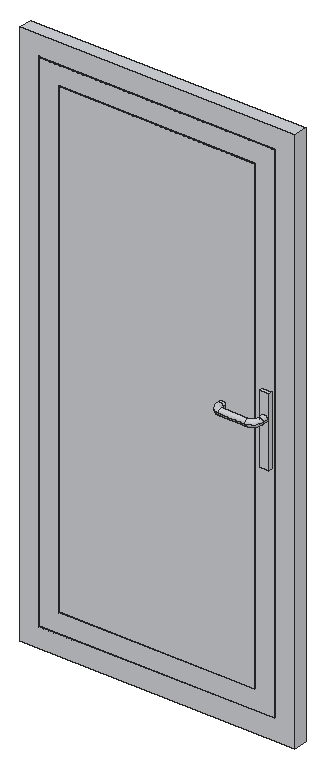
Revit family "NLRS_31_DO_WB_dichte enkele deur-AV_jazo_jazo", category Doors, host Wall, Revit 2020 (continued)
Definition of nested family "NLRS_31_GM_UN_scharnier plankendeur-AV"
  Forms (mm)
    Extrusion 2, solid, material <- "NLRS_C_materiaal", visible <- "JAZO_C_plankendeur"
      sketch origin (-333.444, 147.952, 0) x (0, -1, 0) y (1, 0, 0)
        loop
          arc (164.952, 346.447) -> (165.659, 346.74) -> (165.952, 347.447) r 1
          line (165.952, 347.447) -> (165.952, 353.447)
          arc (165.952, 353.447) -> (165.659, 354.154) -> (164.952, 354.447) r 1
          line (164.952, 354.447) -> (158.952, 354.447) -> (147.952, 343.447)
      from 130 to 180
    Extrusion 3, solid, material <- "NLRS_C_materiaal", visible <- "JAZO_C_plankendeur"
      sketch origin (-333.447, 147.952, 0) x (0, -1, 0) y (1, 0, 0)
        loop
          arc (147.952, 343.447) -> (142.34, 325.17) -> (157.242, 337.147) r 10
          arc (157.242, 337.147) -> (156.99, 340.006) -> (158.352, 342.533) r 5
          line (158.352, 342.533) -> (162.266, 346.447) -> (164.952, 346.447)
          arc (164.952, 346.447) -> (165.659, 346.74) -> (165.952, 347.447) r 1
          line (165.952, 347.447) -> (165.952, 353.447)
          arc (165.952, 353.447) -> (165.659, 354.154) -> (164.952, 354.447) r 1
          line (164.952, 354.447) -> (158.952, 354.447) -> (147.952, 343.447)
      from 0 to 50
    Extrusion 4, solid, material <- "NLRS_C_materiaal", visible <- "JAZO_C_plankendeur"
      sketch origin (-333.447, 147.952, 0) x (0, -1, 0) y (1, 0, 0)
        loop
          circle (147.952, 333.447) r 10
      from 50 to 52.5
    Extrusion 5, solid, material <- "NLRS_C_materiaal", visible <- "JAZO_C_plankendeur"
      sketch origin (-333.447, 147.952, 0) x (0, -1, 0) y (1, 0, 0)
        loop
          circle (147.952, 333.447) r 10
      from 50 to 52.5
    Extrusion 6, solid, material <- "NLRS_C_materiaal", visible <- "JAZO_C_plankendeur"
      sketch origin (-333.447, 147.952, 0) x (0, -1, 0) y (1, 0, 0)
        loop
          circle (147.952, 333.447) r 10
      from 50 to 52.5
    Extrusion 7, solid, material <- "NLRS_C_materiaal", visible <- "JAZO_C_plankendeur"
      sketch origin (-333.447, 147.952, 0) x (0, -1, 0) y (1, 0, 0)
        loop
          circle (147.952, 333.447) r 10
      from 50 to 52.5
    Extrusion 8, solid, material <- "NLRS_C_materiaal", visible <- "JAZO_C_plankendeur"
      sketch origin (-333.444, 147.952, 0) x (0, -1, 0) y (1, 0, 0)
        loop
          circle (147.952, 333.447) r 10
      from 127.5 to 130
  Dimensions and locks
    equal spacing: plane 5 "Top", plane 6 "Center (Elevation)", plane 2 "Bottom"
    locked: plane 4 "voorkant kozijn" to plane 1 "Center (Front/Back)" at 18
    locked: plane 7 "Left" to plane 3 "Center (Left/Right)" at 18
    aligned and locked: level to plane 2 "Bottom"
    aligned and locked: Extrusion 2 to plane 4 "voorkant kozijn"
    aligned and locked: Extrusion 3 to plane 4 "voorkant kozijn"
    aligned and locked: Extrusion 1 to plane 4 "voorkant kozijn"
  Automatic sketch dimensions
    Extrusion 1 sketch curve to Extrusion 1 sketch curve = 0 mm  (x3)
    plane 4 "voorkant kozijn" to Extrusion 1 sketch curve = 0 mm
    Extrusion 1 sketch curve to plane 4 "voorkant kozijn" = 1 mm  (x2)
    Extrusion 1 sketch curve to Extrusion 1 sketch curve = 4.51 mm
    plane 1 "Center (Front/Back)" to Extrusion 1 sketch curve = 7.31 mm
    plane 1 "Center (Front/Back)" to Extrusion 1 sketch curve = 4.074 mm
    Extrusion 1 sketch curve to Extrusion 1 sketch curve = 0.707 mm  (x2)
    plane 1 "Center (Front/Back)" to Extrusion 1 sketch curve = 0 mm
    Extrusion 1 sketch curve to plane 3 "Center (Left/Right)" = 12.99 mm
    Extrusion 1 sketch curve to Extrusion 1 sketch curve = 2.529 mm
    Extrusion 1 sketch curve to plane 3 "Center (Left/Right)" = 3.99 mm
    Extrusion 1 sketch curve to plane 3 "Center (Left/Right)" = 0.49 mm
    plane 3 "Center (Left/Right)" to Extrusion 1 sketch curve = 0.01 mm
    plane 3 "Center (Left/Right)" to Extrusion 1 sketch curve = 3.71 mm
    plane 1 "Center (Front/Back)" to Extrusion 2 sketch curve = 0 mm
    plane 4 "voorkant kozijn" to Extrusion 2 sketch curve = 0 mm
    Extrusion 2 sketch curve to plane 4 "voorkant kozijn" = 7.6 mm
    Extrusion 2 sketch curve to plane 4 "voorkant kozijn" = 7 mm
    Extrusion 2 sketch curve to plane 4 "voorkant kozijn" = 4.065 mm
    Extrusion 2 sketch curve to plane 4 "voorkant kozijn" = 3.686 mm
    Extrusion 2 sketch curve to plane 4 "voorkant kozijn" = 1 mm  (x2)
    plane 3 "Center (Left/Right)" to Extrusion 2 sketch curve = 0.003 mm
    plane 3 "Center (Left/Right)" to Extrusion 2 sketch curve = 5.553 mm
    Extrusion 2 sketch curve to Extrusion 2 sketch curve = 3.536 mm
    Extrusion 2 sketch curve to Extrusion 2 sketch curve = 3.914 mm
    Extrusion 2 sketch curve to Extrusion 2 sketch curve = 6 mm
    plane 3 "Center (Left/Right)" to Extrusion 2 sketch curve = 3.703 mm
    Extrusion 2 sketch curve to Extrusion 2 sketch curve = 0 mm
    Extrusion 3 sketch curve to plane 3 "Center (Left/Right)" = 0 mm
    plane 4 "voorkant kozijn" to Extrusion 3 sketch curve = 0 mm
    Extrusion 3 sketch curve to plane 4 "voorkant kozijn" = 1 mm  (x2)
    Extrusion 3 sketch curve to Extrusion 3 sketch curve = 2.686 mm
    Extrusion 3 sketch curve to plane 4 "voorkant kozijn" = 4.065 mm
    Extrusion 3 sketch curve to Extrusion 3 sketch curve = 6 mm  (x2)
    Extrusion 3 sketch curve to Extrusion 3 sketch curve = 3.536 mm  (x2)
    Extrusion 3 sketch curve to plane 1 "Center (Front/Back)" = 0 mm
    plane 3 "Center (Left/Right)" to Extrusion 3 sketch curve = 5.551 mm
    Extrusion 3 sketch curve to Extrusion 3 sketch curve = 3.914 mm
    plane 3 "Center (Left/Right)" to Extrusion 3 sketch curve = 3.7 mm
    Extrusion 3 sketch curve to Extrusion 3 sketch curve = 0 mm
    Extrusion 4 sketch curve to plane 3 "Center (Left/Right)" = 0 mm
    Extrusion 4 sketch curve to plane 1 "Center (Front/Back)" = 0 mm
    Extrusion 5 sketch curve to plane 3 "Center (Left/Right)" = 0 mm
    Extrusion 5 sketch curve to plane 1 "Center (Front/Back)" = 0 mm
    Extrusion 6 sketch curve to plane 3 "Center (Left/Right)" = 0 mm
    Extrusion 6 sketch curve to plane 1 "Center (Front/Back)" = 0 mm
    Extrusion 7 sketch curve to plane 3 "Center (Left/Right)" = 0 mm
    Extrusion 7 sketch curve to plane 1 "Center (Front/Back)" = 0 mm
    plane 1 "Center (Front/Back)" to Extrusion 8 sketch curve = 0 mm
    plane 3 "Center (Left/Right)" to Extrusion 8 sketch curve = 0.003 mm
    radius of Extrusion 4 sketch curve = 10 mm
    radius of Extrusion 5 sketch curve = 10 mm
    radius of Extrusion 6 sketch curve = 10 mm
    radius of Extrusion 7 sketch curve = 10 mm
    radius of Extrusion 8 sketch curve = 10 mm
Definition of nested family "NLRS_31_DI_UN_beslagbak detail"
  Parameters (values of type "beslagbak detail")
    URL = "www.jazo.com"
    Manufacturer = "JAZO Zevenaar bv"
    JAZO_C_forster presto kozijn = no
    JAZO_C_aluminium kozijn = yes
    Description = "beslagbak detail"
  Reference planes
    plane 1 "Center (Front/Back)": y = 0
    plane 2: z = 0
    plane 3 "Center (Left/Right)": x = 0
    plane 4 "alu": y = -30
    plane 5 "st": y = -50
  Lines and regions (mm)
    Filled region 1, type "Solid Fill - White", in view "Ref. Level", visible <- "JAZO_C_forster presto kozijn"
      outline origin (0, 62.5, 0) x (1, 0, 0) y (0, 1, 0)
        loop
          line (11, -124.5) -> (16, -124.5) -> (16, -112.5) -> (-16, -112.5) -> (-16, -124.5) -> (-11, -124.5) -> (-11, -146.5)
          arc (-11, -146.5) -> (-15.027, -156.222) -> (-24.749, -160.249) r 13.749
          line (-24.749, -160.249) -> (-120.749, -160.249)
          arc (-120.749, -160.249) -> (-130.471, -156.222) -> (-134.497, -146.5) r 13.749
          line (-134.497, -146.5) -> (-134.497, -135.5) -> (-156.497, -135.5) -> (-156.497, -146.5)
          arc (-156.497, -146.5) -> (-146.027, -171.778) -> (-120.749, -182.249) r 35.749
          line (-120.749, -182.249) -> (-24.749, -182.249)
          arc (-24.749, -182.249) -> (0.529, -171.778) -> (11, -146.5) r 35.749
          line (11, -146.5) -> (11, -124.5)
    Filled region 2, type "Solid Fill - White", in view "Ref. Level", visible <- "JAZO_C_aluminium kozijn"
      outline origin (0, 82.5, 0) x (1, 0, 0) y (0, 1, 0)
        loop
          line (11, -124.5) -> (16, -124.5) -> (16, -112.5) -> (-16, -112.5) -> (-16, -124.5) -> (-11, -124.5) -> (-11, -146.5)
          arc (-11, -146.5) -> (-15.027, -156.222) -> (-24.749, -160.249) r 13.749
          line (-24.749, -160.249) -> (-120.749, -160.249)
          arc (-120.749, -160.249) -> (-130.471, -156.222) -> (-134.497, -146.5) r 13.749
          line (-134.497, -146.5) -> (-134.497, -135.5) -> (-156.497, -135.5) -> (-156.497, -146.5)
          arc (-156.497, -146.5) -> (-146.027, -171.778) -> (-120.749, -182.249) r 35.749
          line (-120.749, -182.249) -> (-24.749, -182.249)
          arc (-24.749, -182.249) -> (0.529, -171.778) -> (11, -146.5) r 35.749
          line (11, -146.5) -> (11, -124.5)
    Filled region 3, type "Solid Fill - White", in view "Ref. Level"
      outline origin (0, 67.5, 0) x (1, 0, 0) y (0, 1, 0)
        loop
          line (-25, -25.5) -> (-11, -25.5) -> (-11, -55.5) -> (-16, -55.5) -> (-16, -67.5) -> (16, -67.5) -> (16, -55.5) -> (11, -55.5) -> (11, -25.5) -> (25, -25.5) -> (25, -9.5) -> (-25, -9.5) -> (-25, -25.5)
    detail lines, in view "Ref. Level", visible <- "JAZO_C_forster presto kozijn"
      curve 1: line (-16, -62, 0) -> (16, -62, 0)
    detail lines, in view "Ref. Level", visible <- "JAZO_C_aluminium kozijn"
      curve 2: line (-16, -42, 0) -> (16, -42, 0)
    detail lines, in view "Ref. Level"
      curve 3: line (-11, 42, 0) -> (11, 42, 0)
      curve 4: line (-11, 12, 0) -> (11, 12, 0)
  Dimensions and locks
    locked: plane 4 "alu" to plane 1 "Center (Front/Back)" at 30
    locked: plane 1 "Center (Front/Back)" to plane 5 "st" at 50
Definition of nested family "NLRS_31_GM_UN_door swing"
  Parameters (values of type "door swing")
    URL = "www.jazo.com"
    NLRS_C_hoek [instance] = 50.00°
    NLRS_C_breedte [instance] = 1000 mm
    Model = "Door swing"
    Manufacturer = "JAZO Zevenaar bv"
    Description = "Door swing"
    Default Elevation = 0 mm
  Reference planes
    plane 1 "Center (Front/Back)": y = 0
    plane 2: z = 0
    plane 3 "Center (Left/Right)": x = 0
    plane 4 "Left": x = -1000
  Lines and regions (mm)
    reference lines
      curve 1: line (0, 0, 0) -> (-642.788, 766.044, 0)
    model lines
      curve 2: line (0, 0, 0) -> (-642.788, 766.044, 0)
      curve 3: arc (-1000, 0, 0) -> (-906.308, 422.618, 0) -> (-642.788, 766.044, 0) r 1000
  Dimensions and locks
    "NLRS_C_breedte": plane 4 "Left" to plane 3 "Center (Left/Right)"
    "NLRS_C_breedte": curve 1 to curve 1
    "NLRS_C_hoek": angle curve 1 to plane 1 "Center (Front/Back)"
    aligned and locked: level to plane 2
    aligned and locked: plane 3 "Center (Left/Right)" to curve 1
    aligned and locked: plane 1 "Center (Front/Back)" to curve 1
    aligned and locked: curve 2 to curve 1
    aligned and locked: plane 3 "Center (Left/Right)" to curve 3
    aligned and locked: plane 1 "Center (Front/Back)" to curve 3  (x2)
    aligned and locked: curve 1 to curve 3
    aligned and locked: plane 4 "Left" to curve 3
  Automatic sketch dimensions
    plane 1 "Center (Front/Back)" to curve 2 = 0 mm
